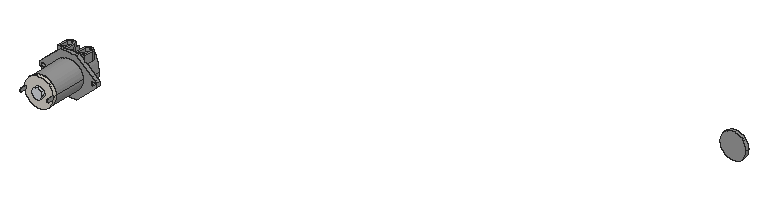
Revit family "pump2", category Generic Models, Revit 2022
Family settings
  Can host rebar = No
  Round Connector Dimension = Use Diameter
  Part Type = Normal
  Work Plane-Based = No
  Always vertical = Yes
  Cut with Voids When Loaded = No
  Maintain Annotation Orientation = No
  Shared = No
  Room Calculation Point = No
Parameters
  Default Elevation = 0' - 0"
Reference planes (in)
  plane 1 "Center (Front/Back)": y = 0
  plane 2: z = 2.46312
  plane 3 "Center (Left/Right)": x = 0
Forms (in)
  Extrusion 1, solid, material "Matte Black Plastic"
    sketch origin (1.69908, 0, 0.89654) x (1, 0, 0) y (0, 0, 1)
      loop
        circle (0, -1.25) r 0.5
    from 0 to 0.10156
  Extrusion 2, solid, material "Matte Black Plastic"
    sketch origin (1.69908, -0.10156, 0.89654) x (1, 0, 0) y (0, 0, 1)
      loop
        arc (-25.71655, -7.32067) -> (-25.09155, -7.94567) -> (-24.46655, -7.32067) r 0.625
        arc (-24.46655, -7.32067) -> (-24.50979, -6.99483) -> (-24.61655, -6.68395) r 1.65545
        line (-24.61655, -6.68395) -> (-24.92655, -6.68395) -> (-24.92655, -6.82067) -> (-25.25655, -6.82067) -> (-25.25655, -6.68395) -> (-25.56655, -6.68395)
        arc (-25.56655, -6.68395) -> (-25.67331, -6.99483) -> (-25.71655, -7.32067) r 1.65545
    from 0 to 0.55078
  Extrusion 3, solid, material "Matte Black Plastic"
    sketch origin (-23.86747, -0.10156, -5.78741) x (1, 0, 0) y (0, 1, 0)
      loop
        line (0.64, -0.55078) -> (1.01, -0.55078) -> (1.01, -0.21078)
        arc (1.01, -0.21078) -> (0.825, -0.02578) -> (0.64, -0.21078) r 0.185
        line (0.64, -0.21078) -> (0.64, -0.55078)
      loop
        line (0.31, -0.55078) -> (0.31, -0.21078)
        arc (0.31, -0.21078) -> (0.125, -0.02578) -> (-0.06, -0.21078) r 0.185
        line (-0.06, -0.21078) -> (-0.06, -0.55078) -> (0.31, -0.55078)
    from -0.162 to 0.14844
  Extrusion 4, solid, material "Matte Black Plastic"
    sketch origin (1.69908, -0.65234, 0.89654) x (1, 0, 0) y (0, 0, 1)
      loop
        line (-25.41655, -8.05551) -> (-24.76655, -8.05551) -> (-23.99155, -7.37051) -> (-23.99155, -7.22051) -> (-24.76655, -6.53551) -> (-25.41655, -6.53551) -> (-26.19155, -7.22051) -> (-26.19155, -7.37051) -> (-25.41655, -8.05551)
    from 0 to 0.12891
  Extrusion 5, void
    sketch origin (1.69908, -0.65234, 0.89654) x (1, 0, 0) y (0, 0, 1)
      loop
        circle (-24.13155, -7.29551) r 0.075
      loop
        circle (-26.05155, -7.29551) r 0.075
    from 0 to 0.19922
  Extrusion 6, solid, material "Bar Code"
    sketch origin (1.69908, -0.78125, 0.89654) x (1, 0, 0) y (0, 0, 1)
      loop
        circle (-25.09155, -7.29551) r 0.55
    from 0 to 1.30078
  Extrusion 7, solid, material "Tan Plastic"
    sketch origin (1.69908, -2.08203, 0.89654) x (1, 0, 0) y (0, 0, 1)
      loop
        circle (-25.09155, -7.29551) r 0.55
    from 0 to 0.12109
  Extrusion 8, solid, material "Brass"
    sketch origin (-24.49247, -0.65234, -6.47397) x (0, 0, 1) y (0, 1, 0)
      loop
        line (0.1375, -1.55078) -> (0.0125, -1.55078) -> (0.0125, -1.77329) -> (0.04999, -1.81078) -> (0.10001, -1.81078) -> (0.1375, -1.77329) -> (0.1375, -1.55078)
      loop
        circle (0.075, -1.75112) r 0.03098
    from -1.63789 to -0.5769
  Extrusion 9, void
    sketch origin (-24.49247, -2.26252, -6.33647) x (-1, 0, 0) y (0, 1, 0)
      loop
        line (-0.60034, 0.05939) -> (-1.61445, 0.05939) -> (-1.61445, -0.20061) -> (-0.60034, -0.20061) -> (-0.60034, 0.05939)
    from -0.04325 to 0.1719
  Extrusion 10, solid
    sketch origin (1.69908, -2.20313, 0.89654) x (1, 0, 0) y (0, 0, 1)
      loop
        circle (-25.09155, -7.29551) r 0.2
    from 0 to 0.10156
  Extrusion 11, void
    sketch origin (-23.86747, -0.10156, -5.63897) x (0, 1, 0) y (1, 0, 0)
      loop
        line (-0.21078, 0.93969) -> (-0.48047, 0.93969) -> (-0.48047, 0.71031) -> (-0.21078, 0.71031)
        arc (-0.21078, 0.71031) -> (-0.09609, 0.825) -> (-0.21078, 0.93969) r 0.11469
      loop
        arc (-0.21078, 0.01031) -> (-0.09609, 0.125) -> (-0.21078, 0.23969) r 0.11469
        line (-0.21078, 0.23969) -> (-0.48047, 0.23969) -> (-0.48047, 0.01031) -> (-0.21078, 0.01031)
    from 0 to 0.10156
  Extrusion 12, solid, material "Matte Black Plastic", not visible
    sketch origin (25.09155, 8.57067, 0) x (1, 0, 0) y (0, 1, 0)
      loop
        circle (-25.09155, -7.32067) r 0.5
    from 0 to 0.10156
  Extrusion 13, solid, material "Matte Black Plastic", not visible
    sketch origin (25.09155, 8.57067, 0.10156) x (1, 0, 0) y (0, 1, 0)
      loop
        arc (-25.71655, -7.32067) -> (-25.09155, -7.94567) -> (-24.46655, -7.32067) r 0.625
        arc (-24.46655, -7.32067) -> (-24.50979, -6.99483) -> (-24.61655, -6.68395) r 1.65545
        line (-24.61655, -6.68395) -> (-24.92655, -6.68395) -> (-24.92655, -6.82067) -> (-25.25655, -6.82067) -> (-25.25655, -6.68395) -> (-25.56655, -6.68395)
        arc (-25.56655, -6.68395) -> (-25.67331, -6.99483) -> (-25.71655, -7.32067) r 1.65545
    from 0 to 0.55078
  Extrusion 14, solid, material "Matte Black Plastic", not visible
    sketch origin (-0.475, 1.88672, 0.10156) x (1, 0, 0) y (0, 0, -1)
      loop
        line (0.64, -0.55078) -> (1.01, -0.55078) -> (1.01, -0.21078)
        arc (1.01, -0.21078) -> (0.825, -0.02578) -> (0.64, -0.21078) r 0.185
        line (0.64, -0.21078) -> (0.64, -0.55078)
      loop
        line (0.31, -0.55078) -> (0.31, -0.21078)
        arc (0.31, -0.21078) -> (0.125, -0.02578) -> (-0.06, -0.21078) r 0.185
        line (-0.06, -0.21078) -> (-0.06, -0.55078) -> (0.31, -0.55078)
    from -0.162 to 0.14844
  Extrusion 15, solid, material "Matte Black Plastic", not visible
    sketch origin (25.09155, 8.57067, 0.65234) x (1, 0, 0) y (0, 1, 0)
      loop
        line (-25.41655, -8.05551) -> (-24.76655, -8.05551) -> (-23.99155, -7.37051) -> (-23.99155, -7.22051) -> (-24.76655, -6.53551) -> (-25.41655, -6.53551) -> (-26.19155, -7.22051) -> (-26.19155, -7.37051) -> (-25.41655, -8.05551)
    from 0 to 0.12891
  Extrusion 16, void, not visible
    sketch origin (25.09155, 8.57067, 0.65234) x (1, 0, 0) y (0, 1, 0)
      loop
        circle (-24.13155, -7.29551) r 0.075
      loop
        circle (-26.05155, -7.29551) r 0.075
    from 0 to 0.19922
  Extrusion 17, solid, material "Bar Code", not visible
    sketch origin (25.09155, 8.57067, 0.78125) x (1, 0, 0) y (0, 1, 0)
      loop
        circle (-25.09155, -7.29551) r 0.55
    from 0 to 1.30078
  Extrusion 18, solid, material "Tan Plastic", not visible
    sketch origin (25.09155, 8.57067, 2.08203) x (1, 0, 0) y (0, 1, 0)
      loop
        circle (-25.09155, -7.29551) r 0.55
    from 0 to 0.12109
  Extrusion 19, solid, material "Brass", not visible
    sketch origin (-1.1, 1.20016, 0.65234) x (0, 1, 0) y (0, 0, -1)
      loop
        line (0.1375, -1.55078) -> (0.0125, -1.55078) -> (0.0125, -1.77329) -> (0.04999, -1.81078) -> (0.10001, -1.81078) -> (0.1375, -1.77329) -> (0.1375, -1.55078)
      loop
        circle (0.075, -1.75112) r 0.03098
    from -1.63789 to -0.5769
  Extrusion 20, void, not visible
    sketch origin (-1.1, 1.33766, 2.26252) x (0, 0, 1) y (-1, 0, 0)
      loop
        line (-0.05939, -0.60034) -> (-0.05939, -1.61445) -> (0.20061, -1.61445) -> (0.20061, -0.60034) -> (-0.05939, -0.60034)
    from -0.04325 to 0.1719
  Extrusion 21, solid, not visible
    sketch origin (25.09155, 8.57067, 2.20312) x (1, 0, 0) y (0, 1, 0)
      loop
        circle (-25.09155, -7.29551) r 0.2
    from 0 to 0.10156
  Extrusion 22, void, not visible
    sketch origin (-0.475, 2.03516, 0.10156) x (-1, 0, 0) y (0, 0, -1)
      loop
        line (-0.93969, -0.21078) -> (-0.93969, -0.48047) -> (-0.71031, -0.48047) -> (-0.71031, -0.21078)
        arc (-0.71031, -0.21078) -> (-0.825, -0.09609) -> (-0.93969, -0.21078) r 0.11469
      loop
        arc (-0.01031, -0.21078) -> (-0.125, -0.09609) -> (-0.23969, -0.21078) r 0.11469
        line (-0.23969, -0.21078) -> (-0.23969, -0.48047) -> (-0.01031, -0.48047) -> (-0.01031, -0.21078)
    from 0 to 0.10156
Cuts and joins
  Extrusion 5 cuts Extrusion 4
  Extrusion 9 cuts Extrusion 7
  Extrusion 9 cuts Extrusion 8
  Extrusion 11 cuts Extrusion 3
Dimensions and locks (in)
  aligned and locked: plane 2 to level
